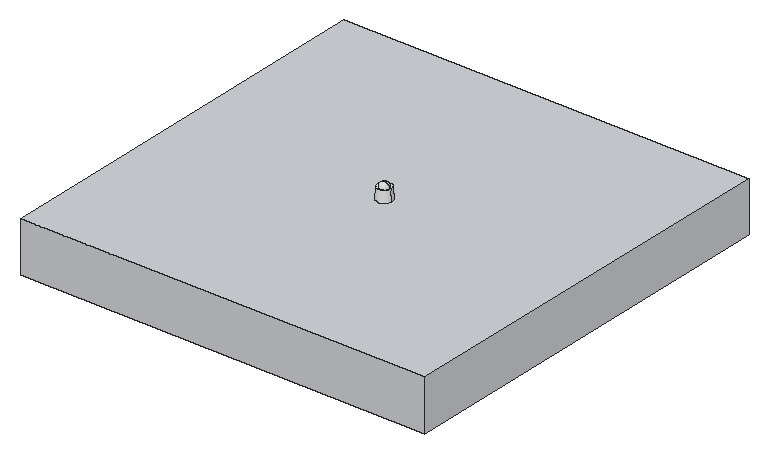
Revit family "Legrand_Lighting_Management_Standalone_Motion_Sensor_360D_Adjustable_Ceiling", category Dispositifs d'éclairage, Revit 2020
Family settings
  Hôte = Face
  Conserver l'orientation des annotations = Non
  Cote de connecteur circulaire = Utiliser le diamètre
  Type d'élément = Normal
  Couper avec des vides une fois chargée = Non
  Partagée = Non
  Point de calcul de pièce = Non
Parameters
  Ø Area in plan [instance] = 6000 mm
  Voltage type = "AC"
  URL = "http://www.legrandoc.com/048898"
  Temperature (MIN) (°C) = 0
  Temperature (MAX) (°C) = 55
  Suitable for wireless transmission = "no"
  Substation input = "no"
  Response value sensitivity adjustable = "yes"
  Response value luminosity adjustable = "yes"
  Response value luminosity (MIN) (lx) = 10
  Response value luminosity (MAX) (lx) = 4000
  Remote operation = "no"
  RAL-number (akin) = "9003"
  Product ID = "048898"
  Nominal voltage (V) = "230"
  Mounting method = "Surface mounted (plaster)"
  Model = "Movement sensor"
  Min. switch-on time (s) = "12"
  Maximum mounting height (m) = "4"
  Max. switching power (W) = 1000
  Max. starting current (A) = "4.2"
  Max. duty cycle (mn) = "16"
  Label [instance] = no
  Indication distance [instance] = Ø Area in plan / 1000  # 6 mm
  Image du type = PH3.jpg
  HVAC-control = "no"
  General Conditions of Use = "https://export.legrand.com/en/terms-of-use-BIM-objects"
  Frequency (MIN) (Hz) = 50
  Frequency (MAX) (Hz) = 60
  Forced switch off = "no"
  Fabricant = "LEGRAND"
  Default Elevation = 0 mm
  ETIM-5.0 Class = "EC000133"
  Dim function with dimmer basic element = "no"
  Detection zone [instance] = no
  Detection angle horizontal (MIN) (°) = 0
  Detection angle horizontal (MAX) (°) = 360
  Description = "PIR WATERPROOF MOTION SENSOR 360 DEGREES WHITE BLISTER"
  Degree of protection (IP) = "IP55"
  Constant light control = "yes"
  Colour = "White"
  Code d'assemblage = "D5010200"
  Alarm function = "no"
Reference planes
  plane 1 "Centre (avant/arrière)": y = 0
  plane 2: z = 0
  plane 3 "Centre (gauche/droite)": x = 0
Forms (mm)
  Extrusion 1, solid
    sketch origin (0, 0, 0) x (1, 0, 0) y (0, 1, 0)
      loop
        line (-1219.2, 1219.2) -> (-1219.2, -1219.2) -> (1219.2, -1219.2) -> (1219.2, 1219.2) -> (-1219.2, 1219.2)
    from 0 to -304.8
Dimensions and locks
  aligned and locked: plane 2 to Extrusion 1
  aligned and locked: level to Extrusion 1
  aligned and locked: nested 1 to plane 3 "Centre (gauche/droite)"
  aligned and locked: nested 1 to plane 1 "Centre (avant/arrière)"
  aligned and locked: nested 2 to plane 2
  aligned and locked: plane 3 "Centre (gauche/droite)" to nested 2
  aligned and locked: plane 1 "Centre (avant/arrière)" to nested 2
Nested families
  nested 1: "Zone Plafond" at (0, 0, 0), visible <- "Detection zone", Ø zone en plan <- "Ø Area in plan", type "Zone Plafond"
    with Ø zone en plan 6000 mm, Ø Interieur 4000 mm
  nested 2: "048898" at (0, 0, 0), type "048898"
  nested 3: "Symbole B" at (0, 0, 0), type "Symbole B"
  nested 4: "Detection 360° 8x6m EN" at (0, 180.531, 0), visible <- "Label", Indication distance <- "Indication distance", type "Detection 360° 8x6m EN"
    with Indication distance 6 mm
Connectors
  electrical at (0, 0, 0)
    settings: on nested 2, index 1, voltage 230 V, apparent load 0 VA, apparent load phase1 0 VA, apparent load phase2 0 VA, apparent load phase3 0 VA, power factor 1, load classification "Autre", number of poles 1, system type 31, power factor state 1, is connector primary yes, connector utility no, sub classification motor no, connector description ""
Definition of nested family "048898"
  Parameters (values of type "048898")
    Default Elevation = 0 mm
  Reference planes
    plane 1 "Centre (avant/arrière)": y = 0
    plane 2: z = 0
    plane 3 "Centre (gauche/droite)": x = 0
  Forms (mm)
    Revolve 1, solid
      sketch origin (0, 0, 0) x (-1, 0, 0) y (0, 0, -1)
        loop
          line (0, 0) -> (0, -65.2) -> (41, -65.2)
          arc (41, -65.2) -> (43.378, -32.633) -> (44.526, 0) r 865.317
          line (44.526, 0) -> (0, 0)
        axis (0, 0) -> (0, -65.2)
      angle from 0 to 360
    Revolve 2, solid
      sketch origin (0, 0, 0) x (-1, 0, 0) y (0, 0, -1)
        loop
          arc (0, -91.691) -> (18.988, -83.722) -> (27.988, -65.2) r 29.184
          line (27.988, -65.2) -> (0, -65.2) -> (0, -91.691)
        axis (0, -65.2) -> (0, -91.691)
      angle from 0 to 360
  Dimensions and locks
    aligned and locked: level to plane 2
Definition of nested family "Zone Plafond"
  Parameters (values of type "Zone Plafond")
    Ø zone en plan [instance] = 4000 mm
    Ø Interieur [instance] = Ø zone en plan / 1.5  # 2666.667 mm
  Reference planes
    plane 1 "Centre (avant/arrière)": y = 0
    plane 2: z = 0
    plane 3 "Centre (gauche/droite)": x = 0
  Lines and regions (mm)
    detail lines, in view "Niveau de réf."
      curve 1: circle (0, 0, 0) r 2000 normal (0, 0, 1)
  Dimensions and locks
    "Ø zone en plan": diameter of curve 1
    aligned and locked: plane 3 "Centre (gauche/droite)" to curve 1
    aligned and locked: plane 1 "Centre (avant/arrière)" to curve 1
Definition of nested family "Symbole B"
  Reference planes
    plane 1: y = 0
    plane 2: x = 0
  Lines and regions (mm)
    detail lines
      curve 1: circle (0, 0, 0) r 0.928 normal (0, 0, 1)
      curve 2: circle (0, 0, 0) r 0.586 normal (0, 0, 1)
      curve 3: spline (-1.335, -1.994, 0) -> (-1.233, -1.818, 0) -> (-1.159, -1.651, 0) -> (-1.116, -1.498, 0) -> (-1.105, -1.365, 0) -> (-1.126, -1.255, 0) -> (-1.179, -1.172, 0) -> (-1.261, -1.119, 0) -> (-1.371, -1.098, 0) -> (-1.505, -1.11, 0) -> (-1.657, -1.153, 0) -> (-1.825, -1.227, 0) -> (-2.001, -1.329, 0)
      curve 4: spline (-1.074, -1.746, 0) -> (-0.972, -1.57, 0) -> (-0.898, -1.403, 0) -> (-0.855, -1.25, 0) -> (-0.844, -1.116, 0) -> (-0.865, -1.006, 0) -> (-0.917, -0.924, 0) -> (-1, -0.871, 0) -> (-1.11, -0.85, 0) -> (-1.244, -0.861, 0) -> (-1.396, -0.905, 0) -> (-1.564, -0.978, 0) -> (-1.74, -1.08, 0)
      curve 5: spline (1.335, -1.994, 0) -> (1.233, -1.818, 0) -> (1.159, -1.651, 0) -> (1.116, -1.498, 0) -> (1.105, -1.365, 0) -> (1.126, -1.255, 0) -> (1.179, -1.172, 0) -> (1.261, -1.119, 0) -> (1.371, -1.098, 0) -> (1.505, -1.11, 0) -> (1.657, -1.153, 0) -> (1.825, -1.227, 0) -> (2.001, -1.329, 0)
      curve 6: spline (1.074, -1.746, 0) -> (0.972, -1.57, 0) -> (0.898, -1.403, 0) -> (0.855, -1.25, 0) -> (0.844, -1.116, 0) -> (0.865, -1.006, 0) -> (0.917, -0.924, 0) -> (1, -0.871, 0) -> (1.11, -0.85, 0) -> (1.244, -0.861, 0) -> (1.396, -0.905, 0) -> (1.564, -0.978, 0) -> (1.74, -1.08, 0)
  Text (mm)
    text "IR" at (-0.268, -1.959, 0)
Definition of nested family "Detection 360° 8x6m EN"
  Parameters (values of type "Detection 360° 8x6m EN")
    Indication distance [instance] = 0 mm
  Reference planes
    plane 1: y = 0
    plane 2: x = 0
  Text (mm)
    label "360°, 8xIndication distancem detection at 2.5m height" at (-0.885, 0.234, 0), shows "Indication distance"
